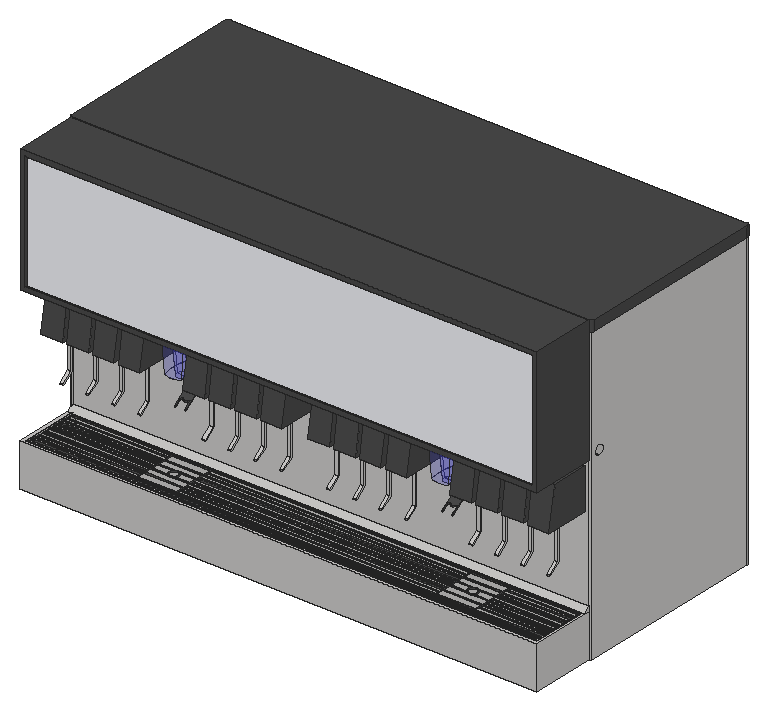
Revit family "QF_LANCER_IBD 4500-60_cat", category Specialty Equipment, Revit 2012 (continued)
Automatic sketch dimensions
  Split face 8 sketch curve to Extrusion 34 = 1 5/16"
  plane 31 to Extrusion 35 sketch curve = 0.20867"
  Extrusion 35 sketch curve to plane 10 = 3.65163"
  Sweep 36 sketch curve to plane 10 = 3.65939"
  Sweep 36 sketch curve to Sweep 36 sketch curve = 1.19795"
  plane 9 to Sweep 36 sketch curve = 4.8015"
  Sweep 36 sketch curve to Sweep 36 sketch curve = 0.90272"
  plane 11 to Sweep 36 sketch curve = 0.62547"
  profile plane to Sweep 36 sketch curve = 0"
  profile plane to Sweep 36 sketch curve = 1/16"
  plane 29 to Sweep 36 sketch curve = 3/16"
  Sweep 36 sketch curve to plane 29 = 3/16"
  plane 11 to Extrusion 37 sketch curve = 0.62547"
  Extrusion 37 sketch curve to plane 5 "FRONT" = 2.38284"
  Extrusion 37 sketch curve to plane 12 = 0.70059"
  Extrusion 37 sketch curve to plane 5 "FRONT" = 3.15088"
  plane 10 to Extrusion 37 sketch curve = 1/16"
  Extrusion 37 to Split face 9 sketch curve = 1/16"
  Split face 9 sketch curve to Extrusion 37 = 1/16"  (x2)
  Split face 9 sketch curve to Extrusion 37 = 1 5/16"
  plane 34 to Extrusion 38 sketch curve = 0.20867"
  Extrusion 38 sketch curve to plane 10 = 3.65163"
  Sweep 39 sketch curve to plane 10 = 3.65939"
  Sweep 39 sketch curve to Sweep 39 sketch curve = 1.19795"
  plane 9 to Sweep 39 sketch curve = 4.8015"
  Sweep 39 sketch curve to Sweep 39 sketch curve = 0.90272"
  plane 11 to Sweep 39 sketch curve = 0.62547"
  profile plane to Sweep 39 sketch curve = 0"
  profile plane to Sweep 39 sketch curve = 1/16"
  plane 32 to Sweep 39 sketch curve = 3/16"
  Sweep 39 sketch curve to plane 32 = 3/16"
  plane 11 to Extrusion 40 sketch curve = 0.62547"
  Extrusion 40 sketch curve to plane 5 "FRONT" = 2.38284"
  Extrusion 40 sketch curve to plane 12 = 0.70059"
  Extrusion 40 sketch curve to plane 5 "FRONT" = 3.15088"
  plane 10 to Extrusion 40 sketch curve = 1/16"
  Extrusion 40 to Split face 10 sketch curve = 1/16"
  Split face 10 sketch curve to Extrusion 40 = 1/16"  (x2)
  Split face 10 sketch curve to Extrusion 40 = 1 5/16"
  plane 37 to Extrusion 41 sketch curve = 0.20867"
  Extrusion 41 sketch curve to plane 10 = 3.65163"
  Sweep 42 sketch curve to plane 10 = 3.65939"
  Sweep 42 sketch curve to Sweep 42 sketch curve = 1.19795"
  plane 9 to Sweep 42 sketch curve = 4.8015"
  Sweep 42 sketch curve to Sweep 42 sketch curve = 0.90272"
  plane 11 to Sweep 42 sketch curve = 0.62547"
  profile plane to Sweep 42 sketch curve = 0"
  profile plane to Sweep 42 sketch curve = 1/16"
  plane 35 to Sweep 42 sketch curve = 3/16"
  Sweep 42 sketch curve to plane 35 = 3/16"
  Revolve 43 sketch curve to plane 12 = 0.4143"
  Revolve 43 sketch curve to plane 4 "RIGHT" = 14.87515"
  plane 12 to Revolve 43 sketch curve = 0.14755"
  Revolve 43 sketch curve to Revolve 43 sketch curve = 0"
  Revolve 43 sketch curve to plane 11 = 0.10748"
  Revolve 43 sketch curve to Revolve 43 sketch curve = 0.67263"
  Revolve 43 sketch curve to Revolve 43 sketch curve = 1.237"
  Revolve 43 sketch curve to plane 11 = 0.18349"
  Revolve 43 sketch curve to Revolve 43 sketch curve = 0.35477"
  Extrusion 44 sketch curve to plane 11 = 0"
  Extrusion 44 sketch curve to plane 10 = 2.43906"
  Extrusion 44 sketch curve to Extrusion 44 sketch curve = 0.03495"
  Extrusion 44 sketch curve to plane 10 = 1"
  Extrusion 44 sketch curve to Extrusion 44 sketch curve = 1/16"
  Extrusion 44 sketch curve to plane 11 = 2.36875"
  Extrusion 44 sketch curve to Extrusion 44 sketch curve = 0.03323"
  Extrusion 45 sketch curve to plane 10 = 1.76869"  (x2)
  Extrusion 45 sketch curve to plane 4 "RIGHT" = 14.34345"
  Extrusion 45 sketch curve to Extrusion 45 sketch curve = 0.03727"
  Extrusion 45 sketch curve to Extrusion 45 sketch curve = 0.1401"
  Extrusion 45 sketch curve to Extrusion 45 sketch curve = 0.07641"  (x2)
  Extrusion 45 sketch curve to Extrusion 45 sketch curve = 0"  (x2)
  Extrusion 45 sketch curve to Extrusion 45 sketch curve = 0.31519"  (x2)
  Extrusion 45 sketch curve to plane 10 = 2.47981"
  Extrusion 45 sketch curve to Extrusion 45 sketch curve = 0.10283"
  Extrusion 45 sketch curve to Extrusion 45 sketch curve = 0.00734"
  Extrusion 46 sketch curve to plane 11 = 0"  (x2)
  Extrusion 46 sketch curve to plane 11 = 2.35211"  (x2)
  Extrusion 46 sketch curve to plane 4 "RIGHT" = 14.07217"
  Extrusion 46 sketch curve to Extrusion 46 sketch curve = 0.14789"  (x2)
  Extrusion 46 sketch curve to Extrusion 46 sketch curve = 0.31237"
  Extrusion 46 sketch curve to Extrusion 46 sketch curve = 0.98122"
  Extrusion 46 sketch curve to Extrusion 46 sketch curve = 1.31017"
  plane 11 to Extrusion 47 sketch curve = 0.62547"
  Extrusion 47 sketch curve to plane 5 "FRONT" = 2.38284"
  Extrusion 47 sketch curve to plane 12 = 0.70059"
  Extrusion 47 sketch curve to plane 5 "FRONT" = 3.15088"
  plane 10 to Extrusion 47 sketch curve = 1/16"
  Extrusion 47 to Split face 11 sketch curve = 1/16"
  Split face 11 sketch curve to Extrusion 47 = 1/16"  (x2)
  Split face 11 sketch curve to Extrusion 47 = 1 5/16"
  plane 40 to Extrusion 48 sketch curve = 0.20867"
  Extrusion 48 sketch curve to plane 10 = 3.65163"
  Sweep 49 sketch curve to plane 10 = 3.65939"
  Sweep 49 sketch curve to Sweep 49 sketch curve = 1.19795"
  plane 11 to Sweep 49 sketch curve = 0.62547"
  Sweep 49 sketch curve to plane 11 = 3.90578"
  Sweep 49 sketch curve to Sweep 49 sketch curve = 0.90272"
  Sweep 49 sketch curve to profile plane = 0"
  Sweep 49 sketch curve to profile plane = 1/16"
  plane 38 to Sweep 49 sketch curve = 3/16"
  Sweep 49 sketch curve to plane 38 = 3/16"
  plane 11 to Extrusion 50 sketch curve = 0.62547"
  Extrusion 50 sketch curve to plane 5 "FRONT" = 2.38284"
  Extrusion 50 sketch curve to plane 12 = 0.70059"
  Extrusion 50 sketch curve to plane 5 "FRONT" = 3.15088"
  plane 10 to Extrusion 50 sketch curve = 1/16"
  Extrusion 50 to Split face 12 sketch curve = 1/16"
  Split face 12 sketch curve to Extrusion 50 = 1/16"  (x2)
  Split face 12 sketch curve to Extrusion 50 = 1 5/16"
  plane 43 to Extrusion 51 sketch curve = 0.20867"
  Extrusion 51 sketch curve to plane 10 = 3.65163"
  Sweep 52 sketch curve to plane 10 = 3.65939"
  Sweep 52 sketch curve to Sweep 52 sketch curve = 1.19795"
  plane 11 to Sweep 52 sketch curve = 0.62547"
  Sweep 52 sketch curve to plane 11 = 3.90578"
  Sweep 52 sketch curve to Sweep 52 sketch curve = 0.90272"
  Sweep 52 sketch curve to profile plane = 0"
  Sweep 52 sketch curve to profile plane = 1/16"
  plane 41 to Sweep 52 sketch curve = 3/16"
  Sweep 52 sketch curve to plane 41 = 3/16"
  plane 11 to Extrusion 53 sketch curve = 0.62547"
  Extrusion 53 sketch curve to plane 5 "FRONT" = 2.38284"
  Extrusion 53 sketch curve to plane 12 = 0.70059"
  Extrusion 53 sketch curve to plane 5 "FRONT" = 3.15088"
  plane 10 to Extrusion 53 sketch curve = 1/16"
  Extrusion 53 to Split face 13 sketch curve = 1/16"
  Split face 13 sketch curve to Extrusion 53 = 1/16"  (x2)
  Split face 13 sketch curve to Extrusion 53 = 1 5/16"
  plane 46 to Extrusion 54 sketch curve = 0.20867"
  Extrusion 54 sketch curve to plane 10 = 3.65163"
  Sweep 55 sketch curve to plane 10 = 3.65939"
  Sweep 55 sketch curve to Sweep 55 sketch curve = 1.19795"
  plane 11 to Sweep 55 sketch curve = 0.62547"
  Sweep 55 sketch curve to plane 11 = 3.90578"
  Sweep 55 sketch curve to Sweep 55 sketch curve = 0.90272"
  Sweep 55 sketch curve to profile plane = 0"
  Sweep 55 sketch curve to profile plane = 1/16"
  plane 44 to Sweep 55 sketch curve = 3/16"
  Sweep 55 sketch curve to plane 44 = 3/16"
  plane 11 to Extrusion 56 sketch curve = 0.62547"
  Extrusion 56 sketch curve to plane 5 "FRONT" = 2.38284"
  Extrusion 56 sketch curve to plane 12 = 0.70059"
  Extrusion 56 sketch curve to plane 5 "FRONT" = 3.15088"
  plane 10 to Extrusion 56 sketch curve = 1/16"
  Extrusion 56 to Split face 14 sketch curve = 1/16"
  Split face 14 sketch curve to Extrusion 56 = 1/16"  (x2)
  Split face 14 sketch curve to Extrusion 56 = 1 5/16"
  plane 49 to Extrusion 57 sketch curve = 0.20867"
  Extrusion 57 sketch curve to plane 10 = 3.65163"
  Sweep 58 sketch curve to plane 10 = 3.65939"
  Sweep 58 sketch curve to Sweep 58 sketch curve = 1.19795"
  plane 11 to Sweep 58 sketch curve = 0.62547"
  Sweep 58 sketch curve to plane 11 = 3.90578"
  Sweep 58 sketch curve to Sweep 58 sketch curve = 0.90272"
  Sweep 58 sketch curve to profile plane = 0"
  Sweep 58 sketch curve to profile plane = 1/16"
  plane 47 to Sweep 58 sketch curve = 3/16"
  Sweep 58 sketch curve to plane 47 = 3/16"
  plane 11 to Extrusion 59 sketch curve = 0.62547"
  Extrusion 59 sketch curve to plane 5 "FRONT" = 2.38284"
  Extrusion 59 sketch curve to plane 12 = 0.70059"
  Extrusion 59 sketch curve to plane 5 "FRONT" = 3.15088"
  plane 10 to Extrusion 59 sketch curve = 1/16"
  Extrusion 59 to Split face 15 sketch curve = 1/16"
  Split face 15 sketch curve to Extrusion 59 = 1/16"  (x2)
  Split face 15 sketch curve to Extrusion 59 = 1 5/16"
  plane 52 to Extrusion 60 sketch curve = 0.20867"
  Extrusion 60 sketch curve to plane 10 = 3.65163"
  Sweep 61 sketch curve to plane 10 = 3.65939"
  Sweep 61 sketch curve to Sweep 61 sketch curve = 1.19795"
  plane 11 to Sweep 61 sketch curve = 0.62547"
  Sweep 61 sketch curve to plane 11 = 3.90578"
  Sweep 61 sketch curve to Sweep 61 sketch curve = 0.90272"
  Sweep 61 sketch curve to profile plane = 0"
  Sweep 61 sketch curve to profile plane = 1/16"
  plane 50 to Sweep 61 sketch curve = 3/16"
  Sweep 61 sketch curve to plane 50 = 3/16"
  plane 11 to Extrusion 62 sketch curve = 0.62547"
  Extrusion 62 sketch curve to plane 5 "FRONT" = 2.38284"
  Extrusion 62 sketch curve to plane 12 = 0.70059"
  Extrusion 62 sketch curve to plane 5 "FRONT" = 3.15088"
  plane 10 to Extrusion 62 sketch curve = 1/16"
  Extrusion 62 to Split face 16 sketch curve = 1/16"
  Split face 16 sketch curve to Extrusion 62 = 1/16"  (x2)
  Split face 16 sketch curve to Extrusion 62 = 1 5/16"
  plane 55 to Extrusion 63 sketch curve = 0.20867"
  Extrusion 63 sketch curve to plane 10 = 3.65163"
  Sweep 64 sketch curve to plane 10 = 3.65939"
  Sweep 64 sketch curve to Sweep 64 sketch curve = 1.19795"
  plane 11 to Sweep 64 sketch curve = 0.62547"
  Sweep 64 sketch curve to plane 11 = 3.90578"
  Sweep 64 sketch curve to Sweep 64 sketch curve = 0.90272"
  Sweep 64 sketch curve to profile plane = 0"
  Sweep 64 sketch curve to profile plane = 1/16"
  plane 53 to Sweep 64 sketch curve = 3/16"
  Sweep 64 sketch curve to plane 53 = 3/16"
  plane 11 to Extrusion 65 sketch curve = 0.62547"
  Extrusion 65 sketch curve to plane 5 "FRONT" = 2.38284"
  Extrusion 65 sketch curve to plane 12 = 0.70059"
  Extrusion 65 sketch curve to plane 5 "FRONT" = 3.15088"
  plane 10 to Extrusion 65 sketch curve = 1/16"
  Extrusion 65 to Split face 17 sketch curve = 1/16"
  Split face 17 sketch curve to Extrusion 65 = 1/16"  (x2)
  Split face 17 sketch curve to Extrusion 65 = 1 5/16"
  plane 58 to Extrusion 66 sketch curve = 0.20867"
  Extrusion 66 sketch curve to plane 10 = 3.65163"
  Sweep 67 sketch curve to plane 10 = 3.65939"
  Sweep 67 sketch curve to Sweep 67 sketch curve = 1.19795"
  plane 11 to Sweep 67 sketch curve = 0.62547"
  Sweep 67 sketch curve to plane 11 = 3.90578"
  Sweep 67 sketch curve to Sweep 67 sketch curve = 0.90272"
  Sweep 67 sketch curve to profile plane = 0"
  Sweep 67 sketch curve to profile plane = 1/16"
  plane 56 to Sweep 67 sketch curve = 3/16"
  Sweep 67 sketch curve to plane 56 = 3/16"
  plane 11 to Extrusion 68 sketch curve = 0.62547"
  Extrusion 68 sketch curve to plane 5 "FRONT" = 2.38284"
  Extrusion 68 sketch curve to plane 12 = 0.70059"
  Extrusion 68 sketch curve to plane 5 "FRONT" = 3.15088"
  plane 10 to Extrusion 68 sketch curve = 1/16"
  Extrusion 68 to Split face 18 sketch curve = 1/16"
  Split face 18 sketch curve to Extrusion 68 = 1/16"  (x2)
  Split face 18 sketch curve to Extrusion 68 = 1 5/16"
  plane 61 to Extrusion 69 sketch curve = 0.20867"
  Extrusion 69 sketch curve to plane 10 = 3.65163"
  Sweep 70 sketch curve to plane 10 = 3.65939"
  Sweep 70 sketch curve to Sweep 70 sketch curve = 1.19795"
  plane 11 to Sweep 70 sketch curve = 0.62547"
  Sweep 70 sketch curve to plane 11 = 3.90578"
  Sweep 70 sketch curve to Sweep 70 sketch curve = 0.90272"
  Sweep 70 sketch curve to profile plane = 0"
  Sweep 70 sketch curve to profile plane = 1/16"
  plane 59 to Sweep 70 sketch curve = 3/16"
  Sweep 70 sketch curve to plane 59 = 3/16"
  plane 10 to Blend 71 sketch curve = 1 3/4"  (x4)
  plane 4 "RIGHT" to Blend 71 sketch curve = 9 57/256"  (x2)
  plane 10 to Blend 71 sketch curve = 7/32"  (x2)
  Blend 71 sketch curve to Blend 71 sketch curve = 4.61948"
  Blend 71 sketch curve to Blend 71 sketch curve = 0.03287"
  Blend 71 sketch curve to Blend 71 sketch curve = 1.03287"  (x2)
  Blend 71 sketch curve to Blend 71 sketch curve = 1"
  plane 10 to Blend 71 sketch curve = 1.72189"  (x2)
  Blend 71 sketch curve to Blend 71 sketch curve = 4.11482"
  Blend 71 sketch curve to Blend 71 sketch curve = 0.08214"
  Blend 71 sketch curve to Blend 71 sketch curve = 1.53753"  (x2)
  Blend 71 sketch curve to Blend 71 sketch curve = 1.45539"
  Extrusion 72 sketch curve to Extrusion 2 = 3 3/8"
  Extrusion 72 sketch curve to Extrusion 2 = 29 5/8"
  Extrusion 73 sketch curve to plane 4 "RIGHT" = 1 7/16"
  Extrusion 73 sketch curve to plane 11 = 13.36"
  radius of Extrusion 12 sketch curve = 1/4"
  radius of Extrusion 13 sketch curve = 1/2"
  radius of Extrusion 14 sketch curve = 1/2"
  radius of Extrusion 17 sketch curve = 1/2"
  radius of Extrusion 20 sketch curve = 1/2"
  radius of Extrusion 23 sketch curve = 1/2"
  radius of Extrusion 26 sketch curve = 1/2"
  radius of Extrusion 30 sketch curve = 17/32"  (x2)
  radius of Extrusion 32 sketch curve = 1/2"
  radius of Extrusion 35 sketch curve = 1/2"
  radius of Extrusion 38 sketch curve = 1/2"
  radius of Extrusion 41 sketch curve = 1/2"
  radius of Extrusion 48 sketch curve = 1/2"
  radius of Extrusion 51 sketch curve = 1/2"
  radius of Extrusion 54 sketch curve = 1/2"
  radius of Extrusion 57 sketch curve = 1/2"
  radius of Extrusion 60 sketch curve = 1/2"
  radius of Extrusion 63 sketch curve = 1/2"
  radius of Extrusion 66 sketch curve = 1/2"
  radius of Extrusion 69 sketch curve = 1/2"
  radius of Extrusion 72 sketch curve = 3/8"
  radius of Extrusion 73 sketch curve = 3/16"
Connectors (in)
  electrical at (30.375, 0.0625, 17.09375), driven by "Volts", driven by "Watts"
    settings: on Extrusion 12, index 1, voltage 115 V, apparent load 0 VA, apparent load phase1 0 VA, apparent load phase2 0 VA, apparent load phase3 0 VA, power factor 1, load classification "Other", number of poles 1, system type 30, power factor state 1, is connector primary yes, connector utility no, sub classification motor no, connector description "ELECTRICAL CONNECTION"
  piping at (30.375, -26.75, -0.0625)
    settings: on Extrusion 72, index 2, connector radius 3/8", flow factor 0, pipe flow 0 GPM, pressure drop 0.00 psi, fitting loss kfactor 0, connector angle 0.00°, fixture units 0, engagement length 0", flow configuration 1, flow direction 2, fitting loss method 0, system type 16, joint type 0, gender type 0, connector reference index -1, connector utility 0, adjustable connector no, is connector primary yes, fitting loss table "", connector description "DRAIN"
  piping at (59.3125, 0.0625, 1.25)
    settings: on Extrusion 73, index 3, connector radius 3/16", flow factor 0, pipe flow 0 GPM, pressure drop 0.00 psi, fitting loss kfactor 0, connector angle 0.00°, fixture units 0, engagement length 0", flow configuration 1, flow direction 1, fitting loss method 0, system type 20, joint type 0, gender type 0, connector reference index -1, connector utility 0, adjustable connector no, is connector primary no, fitting loss table "", connector description "COLD WATER CONNECTION"
